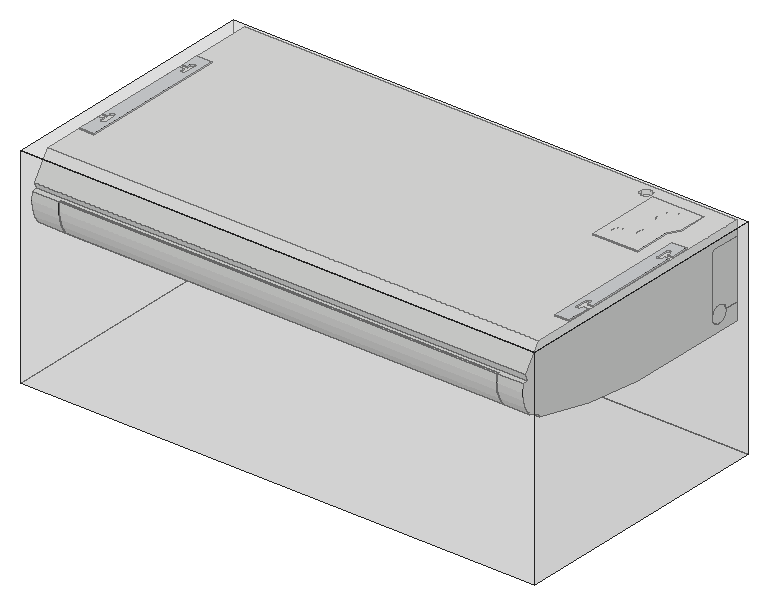
Revit family "outputfile", category 機械設備, Revit 2024
Family settings
  丸型コネクタ寸法 = 半径を使用
  パーツ タイプ = 標準
  OmniClass 番号 = 23.75.10.24.21.27.27
  OmniClass タイトル = Split System Air Conditioning Units
  作業面ベース = いいえ
  常に垂直 = はい
  ロード時にボイドで切り取り = いいえ
  注釈の向きを維持 = いいえ
  共有 = いいえ
  部屋計算ポイント = はい
Parameters (values of type "FHFC71AVM")
  Description = ""
  製造元 = "Daikin"
  書き出し IFC クラス(タイプ) = "IfcUnitaryEquipmentType"
  定義済み IFC タイプ(タイプ) = "AIRCONDITIONINGUNIT"
  Cost = 0
  モデル = "FHFC71AVM"
  Type Comments = ""
  Keynote = ""
  Type Image = (empty or 0)
  Assembly Code = ""
  switch_frequency = yes
  r_Liquid Pipe Size = Liquid Pipe Size / 2  # 4.75 mm
  r_Gas Pipe Size = Gas Pipe Size / 2  # 7.95 mm
  r_Drain Pipe Size = Drain Pipe Size / 2  # 10.0 mm
  l_powersupply [instance] = if(Rear Right Connection_powersupply, 29.0 mm, 175.0 mm)  # 29.0 mm
  h_mountinghole = 2.0 mm  # constant formula
  connector_voltage = Voltage_50Hz  # 230 V
  connector_powerinput = [Power Input (Cooling)]  # 0.000 kW
  connector_phase = Phase_50Hz  # 1
  angle_vertical_powersupply [instance] = if(Rear Right Connection_powersupply, 90.00°, 180.00°)  # 90.00°
  angle_vertical_drainpipe [instance] = if(or(Left Connection_drainpipe, Right Connection_drainpipe), 90.00°, if(Top Connection_drainpipe, 180.00°, -90.00°))  # -90.00°
  angle_horizontal_powersupply [instance] = if(Rear Right Connection_powersupply, 180.00°, 0.00°)  # 180.00°
  angle_horizontal_drainpipe [instance] = if(Right Connection_drainpipe, 90.00°, if(Left Connection_drainpipe, -90.00°, 0.00°))  # 0.00°
  Voltage_comment_50Hz = "220 - 240"
  Voltage_50Hz = 230 V
  URL = ""
  Top Connection_refrigerant [instance] = no
  Top Connection_powersupply [instance] = not(Rear Right Connection_powersupply)  # no
  Right Connection_refrigerant [instance] = no
  Rear Right Connection_refrigerant [instance] = yes
  Phase_50Hz = 1
  Minimum Circuit Amps_50Hz = 0.0 A
  Maximum Fuse Amps_50Hz = 0.0 A
  Material_Casing = DAIKIN_White_Casing_indoorunit
  lw_powersupply [instance] = if(Rear Right Connection_powersupply, 220.0 mm, 210.0 mm)  # 220.0 mm
  lw_mountinghole_pitch = Width - 40.0 mm  # 1230.0 mm
  lw_mountinghole = 20.0 mm  # constant formula
  lw_liquidpipe [instance] = if(Right Connection_refrigerant, 156.0 mm, if(Top Connection_refrigerant, 156.0 mm, 136.0 mm))  # 136.0 mm
  lw_gaspipe = 105.0 mm  # constant formula
  lw_drainpipe [instance] = if(Top Connection_drainpipe, 102.0 mm, if(Width = 960.0 mm, if(or(Left Connection_drainpipe, Rear Left Connection_drainpipe), 884.0 mm, 83.0 mm), if(Width = 1270.0 mm, if(or(Left Connection_drainpipe, Rear Left Connection_drainpipe), 1194.0 mm, 83.0 mm), if(Width = 1590.0 mm, if(or(Left Connection_drainpipe, Rear Left Connection_drainpipe), 1514.0 mm, 83.0 mm), 83.0 mm))))  # 83.0 mm
  lh_powersupply = 175.0 mm  # constant formula
  lh_liquidpipe [instance] = if(Rear Right Connection_refrigerant, 160.0 mm, 131.0 mm)  # 160.0 mm
  lh_gaspipe [instance] = if(Rear Right Connection_refrigerant, 150.0 mm, 91.0 mm)  # 150.0 mm
  lh_drainpipe = 197.0 mm  # constant formula
  l_antena = 1.0 mm  # constant formula
  ld_powersupply = 30.0 mm  # constant formula
  ld_mountinghole_pitch = 260.0 mm  # constant formula
  ld_mountinghole = 210.0 mm  # constant formula
  ld_liquidpipe [instance] = if(Right Connection_refrigerant, 57.0 mm, if(Top Connection_refrigerant, 189.0 mm, 221.0 mm))  # 221.0 mm
  ld_gaspipe [instance] = if(Right Connection_refrigerant, 57.0 mm, if(Top Connection_refrigerant, 163.0 mm, 214.0 mm))  # 214.0 mm
  ld_drainpipe [instance] = if(or(Left Connection_drainpipe, Right Connection_drainpipe), 57.0 mm, if(Top Connection_drainpipe, 87.0 mm, 268.0 mm))  # 268.0 mm
  l_liquidpipe_length [instance] = if(Right Connection_refrigerant, 156.0 mm, if(Top Connection_refrigerant, 131.0 mm, 220.0 mm))  # 220.0 mm
  l_gaspipe_length [instance] = if(Right Connection_refrigerant, 105.0 mm, if(Top Connection_refrigerant, 91.0 mm, 213.0 mm))  # 213.0 mm
  l_drainpipe_length [instance] = if(Right Connection_drainpipe, 83.0 mm, if(Top Connection_drainpipe, 197.0 mm, if(Left Connection_drainpipe, 76.0 mm, 267.0 mm)))  # 267.0 mm
  h*** = 0.0 mm  # constant formula
  angle_vertical [instance] = if(Right Connection_refrigerant, 90.00°, if(Top Connection_refrigerant, 180.00°, -90.00°))  # -90.00°
  angle_horizontal [instance] = if(Right Connection_refrigerant, 90.00°, 0.00°)  # 0.00°
  Width = 1270.0 mm
  Version = "ver.1.0"
  Unit Type = "Ceiling"
  Unit Mass Weight = 31.00 kg
  Unit Designation [instance] = ""
  Uniclass2015Version = "Products v1.30"
  Uniclass2015Title = "Split coil room air conditioning units"
  Uniclass2015Code = "Pr_70_65_03_86"
  Total Cooling Capacity [instance] = 0.000 kW
  Top Connection_drainpipe [instance] = no
  Sound Pressure Level_M speed (dBA) = 38
  Sound Pressure Level_L speed (dBA) = 35
  Sound Pressure Level_H speed (dBA) = 41
  Series = "SkyAir_Fan Coil Unit"
  Sensible Cooling Capacity [instance] = 0.000 kW
  Rear Right Connection_drainpipe [instance] = yes
  Rear Right Connection_powersupply [instance] = yes
  Right Connection_drainpipe [instance] = no
  Refrigerant Type = "R32"
  Power Input (Cooling) = 0.000 kW
  Option Accessory 3 [instance] = ""
  Option Accessory 2 [instance] = ""
  Option Accessory 1 [instance] = ""
  Nominal Cooling Capacity = 7.100 kW
  Minimum Airflow = 840.00 m³/h
  Median Airflow = 1020.00 m³/h
  Maximum Airflow = 1230.00 m³/h
  Load Classification = HVAC
  Liquid Pipe Size = 9.5 mm
  Link_Nested Family [instance] = ""
  Rear Left Connection_drainpipe [instance] = no
  Left Connection_drainpipe [instance] = no
  IfcVersion = ""
  IfcExportType = "AIRCONDITIONINGUNIT"
  IfcExportAs = "IfcUnitaryEquipmentType"
  Height = 235.0 mm
  Heat Exchanger Type = "Cross Fin Coil"
  Gas Pipe Size = 15.9 mm
  Frequency_50Hz = 50 Hz
  Fan Type = "Sirocco Fan"
  Fan Drive = "Direct Drive"
  FCU Tag No. [instance] = ""
  Drain Pipe Size = 20.0 mm
  Design Supply Airflow [instance] = 0.00 m³/h
  Design Outdoor Airflow [instance] = 0.00 m³/h
  Depth = 690.0 mm
  既定の高さ = 0.0 mm
  Cooling Entering Wet Bulb Temperature [instance] = 0.00 °C
  Cooling Entering Dry Bulb Temperature [instance] = 0.00 °C
  Cooling Ambient Wet Bulb Temperature [instance] = 0.00 °C
  Cooling Ambient Dry Bulb Temperature [instance] = 0.00 °C
  Clearance visibility [instance] = yes
  Clearance Top = 5.0 mm
  Clearance Right = 30.0 mm
  Clearance Rear = 0.0 mm
  Clearance Left = 30.0 mm
  Clearance Front = 0.0 mm
  Clearance Bottom = 300.0 mm
Reference planes
  plane 1 "Back": y = 0
  plane 2: z = 0
  plane 3 "Center (Left/Right)": x = 0
  plane 4 "Center (Front/Back)": y = -1
  plane 5 "Front": y = -690
  plane 6 "Left": x = -635
  plane 7 "Right": x = 635
  plane 8 "Top": z = 0
  plane 9 "Bottom": z = -235
  plane 10: y = -690
  plane 11: x = -665
  plane 12: x = 665
  plane 13: z = 5
  plane 14: z = -535
  plane 15: y = 0
  plane 16 "lw_mountinghole": x = -615
  plane 17 "lw_mountinghole2": x = 615
  plane 18 "ld_mountinghole": y = -210
  plane 19 "ld_mountinghole2": y = -470
  plane 20 "lw_gaspipe": x = 530
  plane 21 "ld_gaspipe": y = -214
  plane 22 "lh_gaspipe": z = -150
  plane 23 "lw_liquidpipe": x = 499
  plane 24 "ld_liquidpipe": y = -221
  plane 25 "lh_liquidpipe": z = -160
  plane 26 "ld_drainpipe": y = -268
  plane 27 "lw_drainpipe": x = 552
  plane 28 "lh_drainpipe": z = -197
  plane 29 "lw_powersupply": x = 415
  plane 30 "lh_powersupply": z = -175
  plane 31 "ld_powersupply": y = -30
  plane 32: x = -565.5
  plane 33: x = 565.5
  plane 34: x = -590
  plane 35: x = 590
  plane 36: x = -2
  plane 37: x = 2
Forms (mm)
  Extrusion 1, solid, material "DAIKIN_White_Casing_indoorunit" <- "Material_Casing"
    sketch origin (0, 0, 0) x (0, 1, 0) y (0, 0, 1)
      loop
        line (-639.277, 0) -> (-680.876, -61.699) -> (-675.026, -77.772)
        arc (-675.026, -77.772) -> (-681.815, -78.743) -> (-688.601, -79.732) r 2634.132
        arc (-688.601, -79.732) -> (-687.018, -121.096) -> (-669.159, -158.439) r 102.2
        line (-669.159, -158.439) -> (-639.858, -169.325) -> (-635.895, -178.261)
        arc (-635.895, -178.261) -> (-479.121, -215.759) -> (-319.077, -235) r 1400.997
        line (-319.077, -235) -> (-1, -235) -> (-1, 0) -> (-639.277, 0)
    from -635 to 635
  Extrusion 2, solid, material "DAIKIN_White_Casing_indoorunit" <- "Material_Casing"
    sketch origin (0, 0, 0) x (0, 1, 0) y (0, 0, 1)
      loop
        arc (-688.601, -79.732) -> (-687.018, -121.096) -> (-669.159, -158.439) r 102.2
        line (-669.159, -158.439) -> (-665.589, -154.869)
        arc (-665.589, -154.869) -> (-682.432, -118.783) -> (-683.39, -78.971) r 97.2
        arc (-683.39, -78.971) -> (-685.996, -79.351) -> (-688.601, -79.732) r 2634.132
    from -565.5 to 565.5
  Extrusion 3, void
    sketch origin (0, 0, 0) x (0, 1, 0) y (0, 0, 1)
      loop
        line (-301.098, -235) -> (-21.098, -235) -> (-21.098, -230) -> (-301.098, -230) -> (-301.098, -235)
    from -590 to 590
  Extrusion 4, solid, material "DAIKIN_White_Grille_indoorunit"
    sketch origin (0, 0, 0) x (0, 1, 0) y (0, 0, 1)
      loop
        line (-20.098, -230) -> (-301.098, -230) -> (-301.098, -235) -> (-20.098, -235) -> (-20.098, -230)
    from -590 to -2
  Extrusion 5, solid, material "DAIKIN_White_Casing_indoorunit" <- "Material_Casing"
    sketch origin (0, 0, 0) x (1, 0, 0) y (0, 0, 1)
      loop
        line (442, -63) -> (442, -178) -> (513, -220) -> (576, -220) -> (576, -63) -> (442, -63)
    from 0 to 1
  Extrusion 6, solid, material "DAIKIN_White_Casing_indoorunit" <- "Material_Casing"
    sketch origin (0, 0, 0) x (-1, 0, 0) y (0, -1, 0)
      loop
        line (-447, 35) -> (-447, 230) -> (-563, 230) -> (-563, 135) -> (-578, 105) -> (-578, 35) -> (-447, 35)
    from 0 to 1.9
  Extrusion 7, void
    sketch origin (635, 0, 0) x (0, 1, 0) y (0, 0, 1)
      loop
        arc (-79.5, -195) -> (-55.446, -217.446) -> (-34.715, -191.9) r 22.5
        line (-34.715, -191.9) -> (-1, -191.9) -> (-1, -190.1) -> (-35.04, -190.1)
        arc (-35.04, -190.1) -> (-54.942, -172.594) -> (-77.7, -186.182) r 22.5
        line (-77.7, -186.182) -> (-77.7, -43)
        arc (-77.7, -43) -> (-76.528, -40.172) -> (-73.7, -39) r 4
        line (-73.7, -39) -> (-1, -39) -> (-1, -37.2) -> (-73.7, -37.2)
        arc (-73.7, -37.2) -> (-77.801, -38.899) -> (-79.5, -43) r 5.8
        line (-79.5, -43) -> (-79.5, -195)
      loop
        circle (-57, -195) r 20.7
    from 0 to -10
  Extrusion 8, void
    sketch origin (-1444.026, -1, 1200) x (1, 0, 0) y (0, 0, 1)
      loop
        arc (875.026, -1375) -> (864.42, -1379.393) -> (860.026, -1390) r 15
        line (860.026, -1390) -> (860.026, -1400)
        arc (860.026, -1400) -> (864.42, -1410.607) -> (875.026, -1415) r 15
        line (875.026, -1415) -> (905.026, -1415)
        arc (905.026, -1415) -> (915.633, -1410.607) -> (920.026, -1400) r 15
        line (920.026, -1400) -> (920.026, -1390)
        arc (920.026, -1390) -> (915.633, -1379.393) -> (905.026, -1375) r 15
        line (905.026, -1375) -> (875.026, -1375)
    from 0 to 10
  Extrusion 9, void
    sketch origin (-635, 0, 0) x (0, 1, 0) y (0, 0, 1)
      loop
        circle (-57, -197) r 22.5
    from 0 to 10
  Extrusion 10, void
    sketch origin (-1444.026, -1, 1200) x (1, 0, 0) y (0, 0, 1)
      loop
        circle (1976.026, -1375) r 44
    from 0 to 10
  Extrusion 11, void
    sketch origin (0, 0, 0) x (-1, 0, 0) y (0, -1, 0)
      loop
        circle (-533, 87) r 30
    from 0 to -10
  Extrusion 12, void
    sketch origin (0, 0, 0) x (-1, 0, 0) y (0, -1, 0)
      loop
        circle (-530, 163) r 18
    from 0 to -10
  Extrusion 13, void
    sketch origin (0, 0, 0) x (-1, 0, 0) y (0, -1, 0)
      loop
        circle (-479, 189) r 13
    from 0 to -10
  Extrusion 14, void
    sketch origin (-1444.026, -1, 1200) x (1, 0, 0) y (0, 0, 1)
      loop
        circle (1859.026, -1375) r 14.5
    from 0 to 10
  Extrusion 15, void
    sketch origin (0, 0, 0) x (-1, 0, 0) y (0, -1, 0)
      loop
        circle (-425, 30) r 14.5
    from 0 to -10
  Extrusion 16, void
    sketch origin (635, 0, 0) x (0, 1, 0) y (0, 0, 1)
      loop
        arc (-665.589, -154.869) -> (-682.432, -118.783) -> (-683.39, -78.971) r 97.2
        arc (-683.39, -78.971) -> (-685.996, -79.351) -> (-688.601, -79.732) r 2634.132
        arc (-688.601, -79.732) -> (-687.018, -121.096) -> (-669.159, -158.439) r 102.2
        line (-669.159, -158.439) -> (-665.589, -154.869)
    from -69.5 to -1200.5
  Extrusion 17, solid, material "DAIKIN_White_Casing_indoorunit" <- "Material_Casing"
    sketch origin (-635, 0, 0) x (0, 1, 0) y (0, 0, 1)
      loop
        circle (-57, -197) r 22.5
    from 0 to 10
  Extrusion 18, solid, material "DAIKIN_White_Grille_indoorunit"
    sketch origin (780, 0, 0) x (0, 1, 0) y (0, 0, 1)
      loop
        line (-20.098, -230) -> (-301.098, -230) -> (-301.098, -235) -> (-20.098, -235) -> (-20.098, -230)
    from -782 to -778
  Extrusion 19, solid, material "DAIKIN_White_Grille_indoorunit"
    sketch origin (0, 0, 0) x (0, 1, 0) y (0, 0, -1)
      loop
        line (-20.098, 230) -> (-20.098, 235) -> (-301.098, 235) -> (-301.098, 230) -> (-20.098, 230)
    from -590 to -2
Cuts and joins
  Extrusion 3, Extrusion 7, Extrusion 8, Extrusion 9, Extrusion 10, Extrusion 11, Extrusion 12, Extrusion 13, Extrusion 14, Extrusion 15, Extrusion 16 cuts Extrusion 1
Lines and regions (mm)
  reference lines
    curve 1: line (635, -580.282, -192.75) -> (635, -551.225, -200.21)
Dimensions and locks
  equal spacing: plane 6 "Left", plane 3 "Center (Left/Right)", plane 7 "Right"
  "Width": plane 6 "Left" to plane 7 "Right"
  "Depth": plane 5 "Front" to plane 1 "Back"
  "Height": plane 8 "Top" to plane 9 "Bottom"
  "Clearance Front": plane 10 to plane 5 "Front"
  "Clearance Left": plane 11 to plane 6 "Left"
  "Clearance Right": plane 7 "Right" to plane 12
  "Clearance Top": plane 13 to plane 8 "Top"
  "Clearance Bottom": plane 9 "Bottom" to plane 14
  "Clearance Rear": plane 1 "Back" to plane 15
  locked: plane 4 "Center (Front/Back)" to plane 1 "Back" at 1
  locked: Extrusion 1 sketch curve to Extrusion 1 sketch curve at 235
  locked: Extrusion 1 sketch curve to Extrusion 1 sketch curve at 318.077
  locked: Extrusion 1 sketch curve to Extrusion 1 sketch curve at 1163.297
  locked: Extrusion 1 sketch curve to Extrusion 1 sketch curve at 231.144
  Extrusion 3 sketch curve to Extrusion 3 sketch curve to plane 1 "Back" = 280.0 mm locked, 21.098 mm locked
  "ld_mountinghole": plane 18 "ld_mountinghole" to plane 1 "Back"
  "ld_mountinghole_pitch": plane 18 "ld_mountinghole" to plane 19 "ld_mountinghole2"
  "lw_mountinghole_pitch": plane 16 "lw_mountinghole" to plane 17 "lw_mountinghole2"
  "lw_mountinghole": plane 6 "Left" to plane 16 "lw_mountinghole"
  "lw_gaspipe": plane 20 "lw_gaspipe" to plane 7 "Right"
  "ld_gaspipe": plane 1 "Back" to plane 21 "ld_gaspipe"
  "lw_liquidpipe": plane 23 "lw_liquidpipe" to plane 7 "Right"
  "ld_liquidpipe": plane 1 "Back" to plane 24 "ld_liquidpipe"
  "lw_drainpipe": plane 27 "lw_drainpipe" to plane 7 "Right"
  "ld_drainpipe": plane 26 "ld_drainpipe" to plane 1 "Back"
  plane 8 "Top" to Extrusion 5 sketch curve to Extrusion 5 sketch curve = 63.0 mm locked, 157.0 mm locked
  plane 7 "Right" to Extrusion 5 sketch curve to Extrusion 5 sketch curve = 59.0 mm locked, 134.0 mm locked
  locked: Extrusion 5 sketch curve to Extrusion 5 sketch curve at 115
  locked: Extrusion 5 sketch curve to Extrusion 5 sketch curve at 63
  locked: Extrusion 6 sketch curve to Extrusion 6 sketch curve at 195
  locked: Extrusion 6 sketch curve to Extrusion 6 sketch curve at 116
  locked: Extrusion 6 sketch curve to Extrusion 6 sketch curve at 131
  locked: Extrusion 6 sketch curve to Extrusion 6 sketch curve at 100
  locked: Extrusion 6 sketch curve to plane 1 "Back" at 35
  locked: Extrusion 6 sketch curve to plane 7 "Right" at 57
  locked: Extrusion 8 sketch curve to Extrusion 8 sketch curve at 40
  locked: Extrusion 8 sketch curve to Extrusion 8 sketch curve at 60
  locked: plane 8 "Top" to Extrusion 8 sketch curve at 175
  locked: Extrusion 8 sketch curve to plane 6 "Left" at 51
  locked: plane 7 "Right" to Extrusion 10 sketch curve at 103
  locked: plane 8 "Top" to Extrusion 10 sketch curve at 175
  locked: Extrusion 11 sketch curve to plane 1 "Back" at 87
  locked: Extrusion 11 sketch curve to plane 7 "Right" at 102
  locked: Extrusion 12 sketch curve to plane 1 "Back" at 163
  locked: Extrusion 12 sketch curve to plane 7 "Right" at 105
  locked: Extrusion 13 sketch curve to plane 1 "Back" at 189
  locked: Extrusion 13 sketch curve to plane 7 "Right" at 156
  "lw_powersupply": plane 29 "lw_powersupply" to plane 7 "Right"
  "lh_gaspipe": plane 8 "Top" to plane 22 "lh_gaspipe"
  "lh_liquidpipe": plane 8 "Top" to plane 25 "lh_liquidpipe"
  "lh_powersupply": plane 8 "Top" to plane 30 "lh_powersupply"
  "lh_drainpipe": plane 8 "Top" to plane 28 "lh_drainpipe"
  "ld_powersupply": plane 1 "Back" to plane 31 "ld_powersupply"
  locked: plane 8 "Top" to Extrusion 7 sketch curve at 195
  locked: Extrusion 7 sketch curve to plane 1 "Back" at 57
  locked: plane 9 "Bottom" to Extrusion 7 sketch curve at 43.1
  locked: Extrusion 7 sketch curve to plane 8 "Top" at 39
  locked: Extrusion 7 sketch curve to plane 1 "Back" at 79.5
  locked: Extrusion 9 sketch curve to plane 1 "Back" at 57
  locked: plane 8 "Top" to Extrusion 9 sketch curve at 197
  locked: Extrusion 17 sketch curve to plane 1 "Back" at 57
  locked: plane 8 "Top" to Extrusion 17 sketch curve at 197
  locked: plane 7 "Right" to Extrusion 14 sketch curve at 220
  locked: plane 8 "Top" to Extrusion 14 sketch curve at 175
  locked: Extrusion 15 sketch curve to plane 7 "Right" at 210
  locked: Extrusion 15 sketch curve to plane 1 "Back" at 30
  locked: curve 1 to plane 9 "Bottom" at 34.79
  locked: curve 1 to plane 9 "Bottom" at 42.25
  locked: plane 6 "Left" to plane 32 at 69.5
  locked: plane 33 to plane 7 "Right" at 69.5
  locked: plane 35 to plane 7 "Right" at 45
  locked: plane 6 "Left" to plane 34 at 45
  plane 36 to plane 3 "Center (Left/Right)" to plane 37 = 2.0 mm locked, 2.0 mm locked
  locked: curve 1 to plane 9 "Bottom" (angle 14.40°)
  aligned and locked: level to plane 2
  aligned and locked: nested 1 to plane 11
  aligned and locked: nested 1 to plane 12
  aligned and locked: nested 1 to plane 10
  aligned and locked: plane 13 to nested 1
  aligned and locked: plane 14 to nested 1
  aligned and locked: plane 15 to nested 1
  aligned and locked: Extrusion 1 sketch curve to plane 8 "Top"
  aligned and locked: Extrusion 2 sketch curve to Extrusion 1  (x2)
  aligned and locked: plane 7 "Right" to Extrusion 1
  aligned and locked: Extrusion 1 to plane 6 "Left"
  aligned and locked: cut or joined group 1 (Extrusion 1, Extrusion 3, Extrusion 7, Extrusion 8, Extrusion 9, Extrusion 10, Extrusion 11, Extrusion 12, Extrusion 13, Extrusion 14, Extrusion 15, Extrusion 16) to Extrusion 3 sketch curve
  aligned and locked: cut or joined group 1 to Extrusion 4 sketch curve
  aligned and locked: Extrusion 5 to plane 4 "Center (Front/Back)"
  aligned and locked: Extrusion 7 sketch curve to plane 4 "Center (Front/Back)"
  aligned and locked: Extrusion 16 sketch curve to Extrusion 2  (x4)
  aligned and locked: Extrusion 16 to Extrusion 2  (x2)
  aligned and locked: nested 2 to plane 26 "ld_drainpipe"
  aligned and locked: plane 27 "lw_drainpipe" to nested 2
  aligned and locked: plane 20 "lw_gaspipe" to nested 3
  aligned and locked: nested 3 to plane 21 "ld_gaspipe"
  aligned and locked: plane 23 "lw_liquidpipe" to nested 4
  aligned and locked: nested 4 to plane 24 "ld_liquidpipe"
  aligned and locked: plane 25 "lh_liquidpipe" to nested 4
  aligned and locked: Extrusion 4 sketch curve to cut or joined group 1
  aligned and locked: nested 5 to plane 31 "ld_powersupply"
  aligned and locked: plane 29 "lw_powersupply" to nested 5
  aligned and locked: nested 7 to plane 18 "ld_mountinghole"
  aligned and locked: plane 16 "lw_mountinghole" to nested 7
  aligned and locked: nested 6 to plane 19 "ld_mountinghole2"
  aligned and locked: plane 16 "lw_mountinghole" to nested 6
  aligned and locked: nested 9 to plane 18 "ld_mountinghole"
  aligned and locked: plane 17 "lw_mountinghole2" to nested 9
  aligned and locked: plane 17 "lw_mountinghole2" to nested 8
  aligned and locked: nested 8 to plane 19 "ld_mountinghole2"
  aligned and locked: nested 10 to curve 1
  aligned and locked: level to plane 8 "Top"
  aligned and locked: cut or joined group 1 to plane 32
  aligned and locked: plane 33 to cut or joined group 1
  aligned and locked: Extrusion 16 to plane 32
  aligned and locked: plane 33 to Extrusion 16
  aligned and locked: Extrusion 4 to plane 34
  aligned and locked: cut or joined group 1 to plane 34
  aligned and locked: plane 34 to Extrusion 4  (x3)
  aligned and locked: plane 16 "lw_mountinghole" to nested 11
  aligned and locked: plane 17 "lw_mountinghole2" to nested 12
  aligned and locked: plane 36 to Extrusion 4
  aligned and locked: Extrusion 18 to plane 36
  aligned and locked: plane 37 to Extrusion 18
  aligned and locked: Extrusion 19 to plane 37
  aligned and locked: plane 37 to Extrusion 19
  aligned and locked: plane 35 to Extrusion 19
  aligned and locked: plane 35 to cut or joined group 1
  aligned and locked: Extrusion 4 to cut or joined group 1
  aligned and locked: cut or joined group 1 to Extrusion 18
  aligned and locked: cut or joined group 1 to Extrusion 19
Automatic sketch dimensions
  Extrusion 1 sketch curve to plane 4 "Center (Front/Back)" = 0.0 mm
  Extrusion 1 sketch curve to plane 5 "Front" = 102.2 mm
  Extrusion 1 sketch curve to plane 30 "lh_powersupply" = 3.261 mm
  Extrusion 1 sketch curve to plane 5 "Front" = 50.723 mm
  plane 30 "lh_powersupply" to Extrusion 1 sketch curve = 5.675 mm
  Extrusion 1 sketch curve to Extrusion 1 sketch curve = 3.963 mm
  plane 25 "lh_liquidpipe" to Extrusion 1 sketch curve = 1.561 mm
  Extrusion 1 sketch curve to plane 5 "Front" = 20.841 mm
  Extrusion 1 sketch curve to plane 5 "Front" = 14.974 mm
  Extrusion 1 sketch curve to plane 5 "Front" = 9.124 mm
  Extrusion 1 sketch curve to plane 26 "ld_drainpipe" = 37.278 mm
  Extrusion 1 sketch curve to plane 14 = 2150.825 mm
  plane 22 "lh_gaspipe" to Extrusion 1 sketch curve = 53.413 mm
  Extrusion 1 sketch curve to level = 77.772 mm
  Extrusion 1 sketch curve to Extrusion 1 sketch curve = 16.072 mm
  Extrusion 2 sketch curve to Extrusion 2 sketch curve = 0.0 mm  (x2)
  plane 25 "lh_liquidpipe" to Extrusion 2 sketch curve = 1.561 mm
  Extrusion 2 sketch curve to plane 22 "lh_gaspipe" = 4.869 mm
  Extrusion 2 sketch curve to Extrusion 2 sketch curve = 3.57 mm
  Extrusion 3 sketch curve to Extrusion 3 sketch curve = 5.0 mm
  plane 31 "ld_powersupply" to Extrusion 4 sketch curve = 9.902 mm
  Extrusion 4 sketch curve to Extrusion 4 sketch curve = 5.0 mm
  Extrusion 6 sketch curve to Extrusion 6 sketch curve = 30.0 mm
  Extrusion 7 sketch curve to Extrusion 7 sketch curve = 0.0 mm  (x6)
  Extrusion 7 sketch curve to plane 4 "Center (Front/Back)" = 0.0 mm  (x2)
  Extrusion 7 sketch curve to Extrusion 7 sketch curve = 1.8 mm  (x2)
  Extrusion 7 sketch curve to Extrusion 7 sketch curve = 4.0 mm
  Extrusion 7 sketch curve to Extrusion 7 sketch curve = 0.325 mm
  Extrusion 8 sketch curve to plane 32 = 3.5 mm  (x2)
  Extrusion 8 sketch curve to plane 28 "lh_drainpipe" = 3.0 mm
  Extrusion 8 sketch curve to Extrusion 8 sketch curve = 15.0 mm
  curve 1 to plane 5 "Front" = 109.718 mm
  Extrusion 18 sketch curve to plane 9 "Bottom" = 0.0 mm
  plane 9 "Bottom" to Extrusion 18 sketch curve = 5.0 mm
  Extrusion 18 sketch curve to plane 26 "ld_drainpipe" = 33.098 mm
  plane 31 "ld_powersupply" to Extrusion 18 sketch curve = 9.902 mm
  Extrusion 19 sketch curve to plane 9 "Bottom" = 0.0 mm
  plane 9 "Bottom" to Extrusion 19 sketch curve = 5.0 mm
  Extrusion 19 sketch curve to plane 26 "ld_drainpipe" = 33.098 mm
  plane 31 "ld_powersupply" to Extrusion 19 sketch curve = 9.902 mm
  radius of Extrusion 7 sketch curve = 20.7 mm
  radius of Extrusion 9 sketch curve = 22.5 mm
  radius of Extrusion 10 sketch curve = 44.0 mm
  radius of Extrusion 11 sketch curve = 30.0 mm
  radius of Extrusion 12 sketch curve = 18.0 mm
  radius of Extrusion 13 sketch curve = 13.0 mm
  radius of Extrusion 14 sketch curve = 14.5 mm
  radius of Extrusion 15 sketch curve = 14.5 mm
  radius of Extrusion 17 sketch curve = 22.5 mm
Nested families
  nested 1: "daikin_clearancespace" at (0, -345, -264.881), visible <- "Clearance visibility", show <- "Clearance visibility", Link_Nested Family <- "Link_Nested Family", type "daikin_clearancespace"
    with width 1330.0 mm, show yes, height 540.0 mm, depth 690.0 mm, Link_Nested Family ""
  nested 2: "daikin_connector_rotate3" at (552, -268, -197), radius <- "r_Drain Pipe Size", angle_vertical <- "angle_vertical_drainpipe", angle_horizontal <- "angle_horizontal_drainpipe", length <- "l_drainpipe_length", type "daikin_connector_rotate3"
    with show no, radius 10.0 mm, length 267.0 mm, angle_vertical -90.00°, angle_horizontal 0.00°
  nested 3: "daikin_connector_rotate3" at (530, -214, -150), radius <- "r_Gas Pipe Size", angle_vertical <- "angle_vertical", angle_horizontal <- "angle_horizontal", length <- "l_gaspipe_length", type "daikin_connector_rotate3"
    with show no, radius 7.95 mm, length 213.0 mm, angle_vertical -90.00°, angle_horizontal 0.00°
  nested 4: "daikin_connector_rotate3" at (499, -221, -160), radius <- "r_Liquid Pipe Size", angle_vertical <- "angle_vertical", angle_horizontal <- "angle_horizontal", length <- "l_liquidpipe_length", type "daikin_connector_rotate3"
    with show no, radius 4.75 mm, length 220.0 mm, angle_vertical -90.00°, angle_horizontal 0.00°
  nested 5: "daikin_connector_rotate3" at (415, -30, -175), length <- "l_powersupply", angle_vertical <- "angle_vertical_powersupply", angle_horizontal <- "angle_horizontal_powersupply", type "daikin_connector_rotate3"
    with show no, radius 10.0 mm, length 29.0 mm, angle_vertical 90.00°, angle_horizontal 180.00°
  nested 6: "daikin_mountinghole" at (-615, -470, 0), l_antenna <- "l_antena", Link_Nested Family <- "Link_Nested Family", h_mountinghole <- "h_mountinghole", type "daikin_mountinghole"
    with show yes, l_antenna 1.0 mm, h_mountinghole 2.0 mm, Link_Nested Family ""
  nested 7: "daikin_mountinghole" at (-615, -210, 0), l_antenna <- "l_antena", Link_Nested Family <- "Link_Nested Family", h_mountinghole <- "h_mountinghole", type "daikin_mountinghole"
    with show yes, l_antenna 1.0 mm, h_mountinghole 2.0 mm, Link_Nested Family ""
  nested 8: "daikin_mountinghole" at (615, -470, 0), l_antenna <- "l_antena", Link_Nested Family <- "Link_Nested Family", h_mountinghole <- "h_mountinghole", type "daikin_mountinghole"
    with show yes, l_antenna 1.0 mm, h_mountinghole 2.0 mm, Link_Nested Family ""
  nested 9: "daikin_mountinghole" at (615, -210, 0), Link_Nested Family <- "Link_Nested Family", l_antenna <- "l_antena", h_mountinghole <- "h_mountinghole", type "daikin_mountinghole"
    with show yes, l_antenna 1.0 mm, h_mountinghole 2.0 mm, Link_Nested Family ""
  nested 10: "daikin_logo_plane_w40" at (487.963, -559.801, -198.008) x (1, 0, 0) z (0, -0.2487, -0.9686), type "daikin_logo_plane_w40"
    with show_logo yes
  nested 11: "daikin_hangerfixture_FHFC-AVM" at (-615, 0, 0), type "daikin_hangerfixture_FHFC-AVM"
    with width 38.0 mm, height 2.0 mm, depth 380.0 mm
  nested 12: "daikin_hangerfixture_FHFC-AVM" at (615, 0, 0) x (-1, 0, 0) z (0, 0, 1), type "daikin_hangerfixture_FHFC-AVM"
    with width 38.0 mm, height 2.0 mm, depth 380.0 mm
Connectors
  piping at (552, -1, -197), diameter 20, driven by "r_Drain Pipe Size"
    settings: on nested 2, index 1, connector inside diameter 609.6 mm, connector length 0.0 mm, flow factor 0, pipe flow 0.00 m³/h, pressure drop 0.0 Pa, fitting loss kfactor 0, connector angle 0.00°, fixture units 0, engagement length 0.0 mm, angle of deflection 0.00°, flow configuration 1, flow direction 2, fitting loss method 4, system type 16, joint type 0, gender type 0, connector reference index -1, connector utility 0, adjustable connector no, is connector primary yes, connector description "Condensate Drain Piping"
  piping at (530, -1, -150), diameter 15.9, driven by "r_Gas Pipe Size"
    settings: on nested 3, index 3, connector inside diameter 609.6 mm, connector length 0.0 mm, flow factor 0, pipe flow 0.00 m³/h, pressure drop 0.0 Pa, fitting loss kfactor 0, connector angle 0.00°, fixture units 0, engagement length 0.0 mm, angle of deflection 0.00°, flow configuration 1, flow direction 2, fitting loss method 0, system type 29, joint type 0, gender type 0, connector reference index -1, connector utility 0, adjustable connector no, is connector primary no, connector description "Refrigerant Gas Piping"
  piping at (499, -1, -160), diameter 9.5, driven by "r_Liquid Pipe Size"
    settings: on nested 4, index 4, connector inside diameter 609.6 mm, connector length 0.0 mm, flow factor 0, pipe flow 0.00 m³/h, pressure drop 0.0 Pa, fitting loss kfactor 0, connector angle 0.00°, fixture units 0, engagement length 0.0 mm, angle of deflection 0.00°, flow configuration 1, flow direction 1, fitting loss method 0, system type 29, joint type 0, gender type 0, connector reference index -1, connector utility 0, adjustable connector no, is connector primary no, connector description "Refrigerant Liquid Piping"
  electrical at (415, -1, -175), driven by "Load Classification", driven by "connector_phase", driven by "connector_voltage", driven by "connector_powerinput"
    settings: on nested 5, index 6, voltage 230 V, apparent load 0 VA, apparent load phase1 0 VA, apparent load phase2 0 VA, apparent load phase3 0 VA, power factor 1, load classification "HVAC", number of poles 1, system type 30, power factor state 1, is connector primary yes, connector utility no, sub classification motor no, connector description "Power Supply"
Definition of nested family "daikin_clearancespace"
  Parameters (values of type "daikin_clearancespace")
    Description = "daikin_clearancespace"
    width [instance] = 1823.963 mm
    show [instance] = yes
    material = none
    height [instance] = 1359.762 mm
    depth [instance] = 880.0 mm
    Default Elevation = 0.0 mm
    Link_Nested Family [instance] = ""
  Reference planes
    plane 1 "Center (Front/Back)": y = 0
    plane 2 "Center (Elevation)": z = -0.119
    plane 3 "Center (Left/Right)": x = 0
    plane 4: y = 440
    plane 5: y = -440
    plane 6 "Right": x = 911.982
    plane 7 "Left": x = -911.982
    plane 8 "Top": z = 679.762
    plane 9 "Bottom": z = -680
  Forms (mm)
    Extrusion 1, solid, material <- "material", visible <- "show"
      sketch origin (0, 0, 0) x (1, 0, 0) y (0, 1, 0)
        loop
          line (-911.982, 440) -> (-911.982, -440) -> (911.982, -440) -> (911.982, 440) -> (-911.982, 440)
      from -680 to 679.762
  Lines and regions (mm)
    symbolic lines, visible <- "show"
      curve 1: line (911.982, 440, 0) -> (-911.982, 440, 0)
      curve 2: line (-911.982, 440, 0) -> (-911.982, -440, 0)
      curve 3: line (-911.982, -440, 0) -> (911.982, -440, 0)
      curve 4: line (911.982, -440, 0) -> (911.982, 440, 0)
      curve 5: line (911.982, 0, 679.762) -> (-911.982, 0, 679.762)
      curve 6: line (911.982, 0, -680) -> (911.982, 0, 679.762)
      curve 7: line (-911.982, 0, -680) -> (911.982, 0, -680)
      curve 8: line (-911.982, 0, 679.762) -> (-911.982, 0, -680)
      curve 9: line (0, 440, 679.762) -> (0, -440, 679.762)
      curve 10: line (0, -440, 679.762) -> (0, -440, -680)
      curve 11: line (0, 440, -680) -> (0, 440, 679.762)
      curve 12: line (0, -440, -680) -> (0, 440, -680)
  Dimensions and locks
    "width": plane 7 "Left" to plane 6 "Right"
    "depth": plane 4 to plane 5
    "height": plane 8 "Top" to plane 9 "Bottom"
    equal spacing: plane 7 "Left", plane 3 "Center (Left/Right)", plane 6 "Right"
    equal spacing: plane 4, plane 1 "Center (Front/Back)", plane 5
    equal spacing: plane 8 "Top", plane 2 "Center (Elevation)", plane 9 "Bottom"
    aligned and locked: level to plane 2 "Center (Elevation)"
    aligned and locked: Extrusion 1 sketch curve to plane 4
    aligned and locked: plane 7 "Left" to Extrusion 1 sketch curve
    aligned and locked: Extrusion 1 sketch curve to plane 5
    aligned and locked: Extrusion 1 sketch curve to plane 6 "Right"
    aligned and locked: plane 8 "Top" to Extrusion 1
    aligned and locked: curve 1 to Extrusion 1
    aligned and locked: curve 2 to Extrusion 1
    aligned and locked: curve 3 to Extrusion 1
    aligned and locked: curve 4 to Extrusion 1
    aligned and locked: curve 5 to Extrusion 1
    aligned and locked: curve 6 to Extrusion 1
    aligned and locked: curve 7 to Extrusion 1
    aligned and locked: curve 8 to Extrusion 1
    aligned and locked: curve 9 to Extrusion 1
    aligned and locked: curve 10 to Extrusion 1
    aligned and locked: curve 11 to Extrusion 1
    aligned and locked: curve 12 to Extrusion 1
    aligned and locked: Extrusion 1 to plane 9 "Bottom"
Definition of nested family "daikin_logo_plane_w40"
  Parameters (values of type "daikin_logo_plane_w40")
    width = 40.0 mm
    show_logo [instance] = yes
    material = none
    height = 0.0 mm
    depth = 0.0 mm
    Default Elevation = 1219.2 mm
  Reference planes
    plane 1 "Center (Front/Back)": y = 0
    plane 2: z = 0
    plane 3 "Center (Left/Right)": x = 0
    plane 4: z = 2
    plane 5 "left": x = -19
    plane 6: x = 19
  Forms (mm)
    Extrusion 1, solid, visible <- "show_logo"
      sketch origin (-19, 0, 0) x (1, 0, 0) y (0, 1, 0)
        loop
          line (8.902, -1.878) -> (7.789, -6.332) -> (11.13, -6.332)
          arc (11.13, -6.332) -> (12.454, -6.064) -> (13.472, -5.176) r 2.642
          arc (13.472, -5.176) -> (13.92, -4.02) -> (13.767, -2.79) r 2.537
          arc (13.767, -2.79) -> (13.452, -2.342) -> (12.982, -2.06) r 1.321
          arc (12.982, -2.06) -> (12.063, -1.902) -> (11.13, -1.878) r 6.479
          line (11.13, -1.878) -> (8.902, -1.878)
        loop
          line (10.016, -5.441) -> (10.907, -5.441)
          arc (10.907, -5.441) -> (11.591, -4.983) -> (11.988, -4.261) r 1.742
          spline (11.988, -4.261) -> (12.01, -4.155) -> (12.027, -4.03) -> (12.037, -3.893) -> (12.037, -3.747) -> (12.026, -3.598) -> (12.002, -3.451) -> (11.962, -3.31) -> (11.905, -3.181) -> (11.829, -3.069) -> (11.731, -2.978) -> (11.61, -2.913) -> (11.464, -2.88)
          line (11.464, -2.88) -> (10.573, -2.88) -> (10.016, -5.441)
        loop
          line (13.58, -6.332) -> (14.805, -6.332) -> (15.223, -5.553) -> (16.977, -5.553) -> (17.144, -6.332) -> (19.149, -6.332) -> (18.258, -1.878) -> (16.03, -1.878) -> (13.58, -6.332)
        loop
          line (16.476, -3.214) -> (15.76, -4.551) -> (16.762, -4.551) -> (16.476, -3.214)
        loop
          line (19.705, -6.332) -> (21.599, -6.332) -> (22.712, -1.878) -> (20.819, -1.878) -> (19.705, -6.332)
        loop
          line (22.712, -6.332) -> (24.606, -6.332) -> (24.908, -5.122) -> (25.831, -6.332) -> (28.17, -6.332) -> (26.388, -3.994) -> (28.949, -1.878) -> (26.945, -1.878) -> (25.401, -3.153) -> (25.719, -1.878) -> (23.826, -1.878) -> (22.712, -6.332)
        loop
          line (29.84, -1.878) -> (28.615, -6.332) -> (30.62, -6.332) -> (31.734, -1.878) -> (29.84, -1.878)
        loop
          line (31.734, -6.332) -> (33.07, -6.332) -> (33.7, -3.814) -> (34.518, -6.332) -> (36.745, -6.332) -> (37.859, -1.878) -> (36.523, -1.878) -> (35.845, -4.589) -> (34.963, -1.878) -> (32.847, -1.878) -> (31.734, -6.332)
      from 0 to 2
    Extrusion 2, solid, visible <- "show_logo"
      sketch origin (-19, 0, 0) x (1, 0, 0) y (0, 1, 0)
        loop
          line (8.7, 0) -> (4.235, 0) -> (0, -3.879) -> (0, -8) -> (8.7, 0)
      from 0 to 2
    Extrusion 3, solid, visible <- "show_logo"
      sketch origin (-19, 0, 0) x (1, 0, 0) y (0, 1, 0)
        loop
          line (0, 0) -> (0, -3.879) -> (4.235, 0) -> (0, 0)
      from 0 to 2
  Dimensions and locks
    plane 4 to plane 2 = 2.0 mm
    equal spacing: plane 5 "left", plane 3 "Center (Left/Right)", plane 6
    locked: plane 5 "left" to plane 6 at 38
    aligned and locked: level to plane 2
    aligned and locked: Extrusion 3 to plane 1 "Center (Front/Back)"  (x2)
    aligned and locked: Extrusion 2 to plane 1 "Center (Front/Back)"  (x2)
    aligned and locked: plane 4 to Extrusion 1
    aligned and locked: plane 4 to Extrusion 3
    aligned and locked: plane 4 to Extrusion 2
    aligned and locked: Extrusion 3 to plane 5 "left"
    aligned and locked: Extrusion 2 to plane 5 "left"
  Automatic sketch dimensions
    Extrusion 1 sketch curve to Extrusion 1 sketch curve = 0.901 mm
    Extrusion 1 sketch curve to Extrusion 1 sketch curve = 1.559 mm
    Extrusion 1 sketch curve to Extrusion 1 sketch curve = 1.327 mm
    Extrusion 1 sketch curve to Extrusion 1 sketch curve = 2.145 mm
    Extrusion 1 sketch curve to Extrusion 1 sketch curve = 1.448 mm
    Extrusion 1 sketch curve to Extrusion 1 sketch curve = 2.116 mm
    Extrusion 1 sketch curve to Extrusion 1 sketch curve = 1.114 mm  (x4)
    Extrusion 1 sketch curve to Extrusion 1 sketch curve = 1.336 mm  (x2)
    plane 1 "Center (Front/Back)" to Extrusion 1 sketch curve = 1.878 mm  (x5)
    Extrusion 1 sketch curve to Extrusion 1 sketch curve = 1.893 mm  (x5)
    Extrusion 1 sketch curve to Extrusion 1 sketch curve = 0.891 mm  (x4)
    Extrusion 1 sketch curve to Extrusion 1 sketch curve = 2.005 mm  (x3)
    Extrusion 1 sketch curve to Extrusion 1 sketch curve = 0.445 mm  (x2)
    plane 1 "Center (Front/Back)" to Extrusion 1 sketch curve = 3.994 mm
    Extrusion 1 sketch curve to Extrusion 1 sketch curve = 0.557 mm  (x2)
    Extrusion 1 sketch curve to Extrusion 1 sketch curve = 2.339 mm  (x2)
    Extrusion 1 sketch curve to Extrusion 1 sketch curve = 1.225 mm  (x3)
    plane 1 "Center (Front/Back)" to Extrusion 1 sketch curve = 3.153 mm
    Extrusion 1 sketch curve to Extrusion 1 sketch curve = 0.987 mm
    plane 1 "Center (Front/Back)" to Extrusion 1 sketch curve = 5.122 mm
    Extrusion 1 sketch curve to Extrusion 1 sketch curve = 0.922 mm
    plane 1 "Center (Front/Back)" to Extrusion 1 sketch curve = 6.332 mm
    Extrusion 1 sketch curve to Extrusion 1 sketch curve = 2.562 mm
    plane 1 "Center (Front/Back)" to Extrusion 1 sketch curve = 5.553 mm
    Extrusion 1 sketch curve to Extrusion 1 sketch curve = 0.167 mm
    Extrusion 1 sketch curve to Extrusion 1 sketch curve = 0.215 mm
    plane 1 "Center (Front/Back)" to Extrusion 1 sketch curve = 3.214 mm
    Extrusion 1 sketch curve to Extrusion 1 sketch curve = 0.286 mm
    plane 1 "Center (Front/Back)" to Extrusion 1 sketch curve = 4.551 mm
    Extrusion 1 sketch curve to Extrusion 1 sketch curve = 1.002 mm
    Extrusion 1 sketch curve to Extrusion 1 sketch curve = 0.537 mm
    Extrusion 1 sketch curve to Extrusion 1 sketch curve = 0.418 mm
    Extrusion 1 sketch curve to Extrusion 1 sketch curve = 1.028 mm
    plane 1 "Center (Front/Back)" to Extrusion 1 sketch curve = 4.261 mm
    Extrusion 1 sketch curve to Extrusion 1 sketch curve = 0.563 mm
    plane 1 "Center (Front/Back)" to Extrusion 1 sketch curve = 2.88 mm
    Extrusion 1 sketch curve to Extrusion 1 sketch curve = 1.088 mm
    Extrusion 1 sketch curve to Extrusion 1 sketch curve = 2.152 mm
    Extrusion 1 sketch curve to Extrusion 1 sketch curve = 0.586 mm
    Extrusion 1 sketch curve to Extrusion 1 sketch curve = 0.118 mm
    Extrusion 1 sketch curve to Extrusion 1 sketch curve = 0.298 mm
    Extrusion 1 sketch curve to Extrusion 1 sketch curve = 0.334 mm
    Extrusion 1 sketch curve to Extrusion 1 sketch curve = 0.223 mm
    Extrusion 1 sketch curve to Extrusion 1 sketch curve = 0.266 mm
    Extrusion 1 sketch curve to Extrusion 1 sketch curve = 1.671 mm
    Extrusion 1 sketch curve to Extrusion 1 sketch curve = 2.227 mm
    Extrusion 1 sketch curve to Extrusion 1 sketch curve = 0.0 mm  (x7)
    Extrusion 1 sketch curve to Extrusion 1 sketch curve = 3.453 mm
    Extrusion 1 sketch curve to Extrusion 1 sketch curve = 2.017 mm
    Extrusion 1 sketch curve to Extrusion 1 sketch curve = 0.78 mm  (x2)
    Extrusion 1 sketch curve to Extrusion 1 sketch curve = 1.743 mm
    Extrusion 1 sketch curve to Extrusion 1 sketch curve = 0.775 mm
    Extrusion 1 sketch curve to Extrusion 1 sketch curve = 0.552 mm
    Extrusion 1 sketch curve to Extrusion 1 sketch curve = 0.014 mm
    Extrusion 1 sketch curve to Extrusion 1 sketch curve = 0.952 mm
    Extrusion 1 sketch curve to Extrusion 1 sketch curve = 1.215 mm
    Extrusion 1 sketch curve to Extrusion 1 sketch curve = 0.108 mm
    plane 1 "Center (Front/Back)" to Extrusion 2 sketch curve = 0.0 mm
    Extrusion 2 sketch curve to plane 3 "Center (Left/Right)" = 19.0 mm
    Extrusion 2 sketch curve to plane 3 "Center (Left/Right)" = 14.765 mm
    Extrusion 2 sketch curve to Extrusion 2 sketch curve = 4.465 mm
    plane 1 "Center (Front/Back)" to Extrusion 2 sketch curve = 3.879 mm
    Extrusion 2 sketch curve to Extrusion 2 sketch curve = 4.12 mm
    plane 1 "Center (Front/Back)" to Extrusion 3 sketch curve = 0.0 mm
    Extrusion 3 sketch curve to plane 3 "Center (Left/Right)" = 19.0 mm
    Extrusion 3 sketch curve to plane 3 "Center (Left/Right)" = 14.765 mm
    plane 1 "Center (Front/Back)" to Extrusion 3 sketch curve = 3.879 mm
    Extrusion 1 sketch curve to plane 3 "Center (Left/Right)" = 11.211 mm
    Extrusion 1 sketch curve to Extrusion 1 sketch curve = 1.782 mm
Definition of nested family "daikin_hangerfixture_FHFC-AVM"
  Parameters (values of type "daikin_hangerfixture_FHA-CV2S")
    width = 44.0 mm
    material = none
    height = 155.0 mm
    depth = 33.0 mm
    Default Elevation = 0.0 mm
  Reference planes
    plane 1 "Center (Front/Back)": y = 0
    plane 2: z = 0
    plane 3 "Center (Left/Right)": x = 0
    plane 4: z = -2.3
    plane 5: z = -155
    plane 6: z = -12
  Forms (mm)
    Extrusion 1, solid
      sketch origin (0, 0, 0) x (1, 0, 0) y (0, 1, 0)
        loop
          line (20, -159) -> (-18, -159) -> (-18, -204) -> (-6, -204) -> (-6, -196)
          arc (-6, -196) -> (0, -190) -> (6, -196) r 6
          line (6, -196) -> (6, -224)
          arc (6, -224) -> (0, -230) -> (-6, -224) r 6
          line (-6, -224) -> (-6, -216) -> (-18, -216) -> (-18, -464) -> (-6, -464) -> (-6, -456)
          arc (-6, -456) -> (0, -450) -> (6, -456) r 6
          line (6, -456) -> (6, -484)
          arc (6, -484) -> (0, -490) -> (-6, -484) r 6
          line (-6, -484) -> (-6, -476) -> (-18, -476) -> (-18, -539) -> (20, -539) -> (20, -159)
      from 0 to 2
  Dimensions and locks
    plane 2 to plane 4 = 2.3 mm
    "height": plane 2 to plane 5
    locked: plane 2 to plane 6 at 12
    aligned and locked: level to plane 2
  Automatic sketch dimensions
    plane 3 "Center (Left/Right)" to Extrusion 1 sketch curve = 20.0 mm
    plane 1 "Center (Front/Back)" to Extrusion 1 sketch curve = 159.0 mm
    Extrusion 1 sketch curve to plane 3 "Center (Left/Right)" = 18.0 mm
    Extrusion 1 sketch curve to Extrusion 1 sketch curve = 380.0 mm
    Extrusion 1 sketch curve to Extrusion 1 sketch curve = 63.0 mm
    Extrusion 1 sketch curve to plane 3 "Center (Left/Right)" = 0.0 mm  (x4)
    plane 3 "Center (Left/Right)" to Extrusion 1 sketch curve = 6.0 mm
    Extrusion 1 sketch curve to Extrusion 1 sketch curve = 8.0 mm  (x4)
    Extrusion 1 sketch curve to Extrusion 1 sketch curve = 20.0 mm  (x2)
    Extrusion 1 sketch curve to Extrusion 1 sketch curve = 0.0 mm  (x2)
    Extrusion 1 sketch curve to Extrusion 1 sketch curve = 57.0 mm
    Extrusion 1 sketch curve to plane 3 "Center (Left/Right)" = 6.0 mm
Definition of nested family "daikin_connector_rotate3"
  Parameters (values of type "daikin_connector_rotate3")
    show [instance] = yes
    radius [instance] = 10.0 mm
    length [instance] = 600.0 mm
    angle_horizontal [instance] = 60.00°
    angle_vertical [instance] = 90.00°
    Default Elevation = 1219.2 mm
  Reference planes
    plane 1 "Center (Front/Back)": y = 0
    plane 2: z = 0
    plane 3 "Center (Left/Right)": x = 0
  Dimensions and locks
    "angle_horizontal": angle plane 3 "Center (Left/Right)" to nested 1
    aligned and locked: level to plane 2
    aligned and locked: plane 1 "Center (Front/Back)" to nested 1  (x2)
    aligned and locked: plane 3 "Center (Left/Right)" to nested 1
  Nested families
    nested 1: "daikin_connector_rotate2" at (0, 0, 0) x (0.5, 0.866, 0) z (0, 0, 1), angle_vertical <- "angle_vertical", length <- "length", radius <- "radius", type "daikin_connector_rotate2"
      with radius 10.0 mm, length 600.0 mm, angle_vertical 90.00°
  Definition of nested family "daikin_connector_rotate2"
    Parameters (values of type "daikin_connector_rotate2")
      show_face = yes
      radius [instance] = 10.0 mm
      length [instance] = 600.0 mm
      d_surface = 10.0 mm
      angle_vertical [instance] = 90.00°
      Default Elevation = 0.0 mm
    Reference planes
      plane 1 "Center (Front/Back)": y = 0
      plane 2: z = 0
      plane 3 "Center (Left/Right)": x = 0
    Forms (mm)
      Extrusion 1, solid, visible <- "show_face"
        sketch origin (0, -600, 0) x (1, 0, 0) y (0, 0, 1)
          loop
            circle (0, 0) r 10
        from 0 to -10
    Lines and regions (mm)
      reference lines
        curve 1: line (0, 0, 0) -> (0, -600, 0)
      symbolic lines
        curve 2: circle (0, 0, 0) r 5 normal (0, 0, 1)
      model lines, visible <- "show_face"
        curve 3: line (0, 0, 0) -> (0, -600, 0)
    Dimensions and locks
      "length": curve 1 to curve 1
      "length": curve 3 to curve 3
      "d_surface": Extrusion 1 to Extrusion 1
      "radius": radius of Extrusion 1 sketch curve
      "angle_vertical": angle curve 1 to plane 1 "Center (Front/Back)"
      "angle_vertical": angle curve 3 to plane 1 "Center (Front/Back)"
      aligned and locked: level to plane 2
      aligned and locked: plane 1 "Center (Front/Back)" to curve 1
      aligned and locked: plane 2 to curve 1
      aligned and locked: plane 1 "Center (Front/Back)" to curve 2
      aligned and locked: plane 3 "Center (Left/Right)" to curve 2
      aligned and locked: plane 1 "Center (Front/Back)" to curve 3
      aligned and locked: plane 2 to curve 3
      aligned and locked: Extrusion 1 to Extrusion 1
    Automatic sketch dimensions
      Extrusion 1 sketch curve to level = 0.0 mm
      Extrusion 1 sketch curve to plane 3 "Center (Left/Right)" = 0.0 mm
      radius of curve 2 = 5.0 mm
Definition of nested family "daikin_mountinghole"
  Parameters (values of type "daikin_mountinghole")
    Default Elevation = 1219.2 mm
    Type Comments = "mountinghole"
    show [instance] = yes
    material = none
    l_centerline = 100.0 mm
    l_antenna [instance] = 100.0 mm
    h_mountinghole [instance] = 0.0 mm
    d_circle = 30.0 mm
    Link_Nested Family [instance] = ""
  Reference planes
    plane 1 "Center (Front/Back)": y = 0
    plane 2: z = 0
    plane 3 "Center (Left/Right)": x = 0
    plane 4: y = 50
    plane 5: x = -50
    plane 6: x = 50
    plane 7: y = -50
    plane 8 "h_mountinghole": z = 0
    plane 9: z = 100
  Lines and regions (mm)
    model lines, detail levels fine
      curve 1: circle (0, 0, 0) r 15 normal (0, 0, 1)
      curve 2: line (-50, 0, 0) -> (50, 0, 0)
      curve 3: line (0, 50, 0) -> (0, -50, 0)
    symbolic lines, detail levels fine
      curve 4: circle (0, 0, 0) r 15 normal (0, 0, 1)
      curve 5: line (-50, 0, 0) -> (50, 0, 0)
      curve 6: line (0, 50, 0) -> (0, -50, 0)
    model lines
      curve 7: line (0, 0, 100) -> (0, 0, 0)
  Dimensions and locks
    equal spacing: plane 4, plane 1 "Center (Front/Back)", plane 7
    "l_centerline": plane 4 to plane 7
    equal spacing: plane 5, plane 3 "Center (Left/Right)", plane 6
    "l_centerline": plane 5 to plane 6
    "l_antenna": plane 9 to plane 8 "h_mountinghole"
    "h_mountinghole": plane 8 "h_mountinghole" to plane 2
    "d_circle": diameter of curve 1
    "d_circle": diameter of curve 4
    aligned and locked: level to plane 2
    aligned and locked: plane 1 "Center (Front/Back)" to curve 1
    aligned and locked: plane 3 "Center (Left/Right)" to curve 1
    aligned and locked: plane 1 "Center (Front/Back)" to curve 2
    aligned and locked: curve 3 to plane 3 "Center (Left/Right)"
    aligned and locked: plane 6 to curve 2
    aligned and locked: plane 5 to curve 2
    aligned and locked: plane 4 to curve 3
    aligned and locked: plane 7 to curve 3
    aligned and locked: plane 1 "Center (Front/Back)" to curve 4
    aligned and locked: plane 3 "Center (Left/Right)" to curve 4
    aligned and locked: plane 6 to curve 5
    aligned and locked: plane 5 to curve 5
    aligned and locked: plane 1 "Center (Front/Back)" to curve 5
    aligned and locked: plane 4 to curve 6
    aligned and locked: plane 7 to curve 6
    aligned and locked: curve 6 to plane 3 "Center (Left/Right)"
    aligned and locked: curve 7 to plane 3 "Center (Left/Right)"
    aligned and locked: plane 9 to curve 7
    aligned and locked: plane 8 "h_mountinghole" to curve 7
